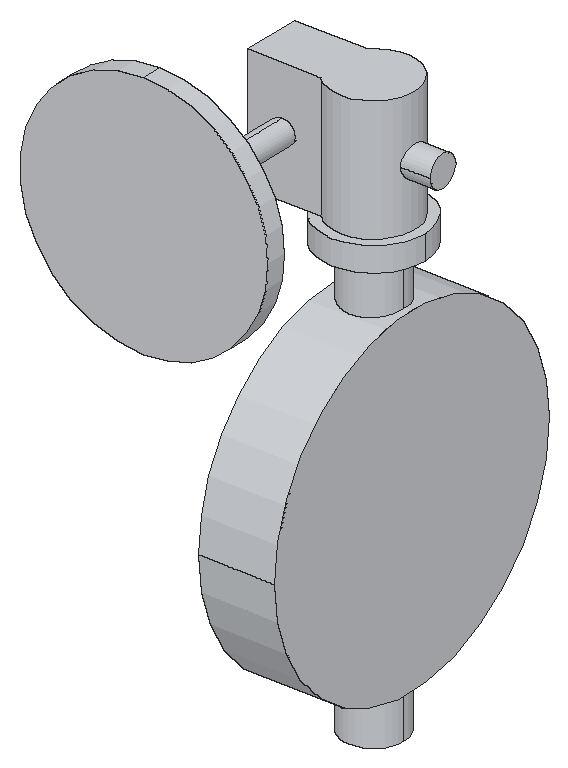
Revit family "HS497-67_disk-litina-převodové kolo DN600-RFA_2019", category Pipe Accessories, Revit 2019
Family settings
  Round Connector Dimension = Use Diameter
  Part Type = Valve - Breaks Into
  Work Plane-Based = No
  Always vertical = Yes
  Cut with Voids When Loaded = No
  Shared = No
Parameters (values of type "HS 497-67_DN600_PN10_převodové kolo")
  magiProductId = "b1e26faab48a4c499f6bb11e7e3002"
  magiProductFamilyId = "53cea81e6f374d17b8841d9c72ad77"
  magiPartTypeId = 305
  isMeasuringValve [instance] = no
  ang2D [instance] = 0.00°
  X11 = 143.397 mm
  X1 = 59.397 mm
  W2D = 1000 mm
  VersionID = "2.0/2017.9.26.1/ZETKAMA_497_001"
  Use Minimum Symbol Size [instance] = yes
  URL = "http://www.hydronic.cz"
  Type Comments = "mezipřírubová; litinový disk; PN10; -10~+110°C (krátkodobě +120°C)"
  SW30 = yes
  SW3 = yes
  SW21 = no
  SW20 = no
  SW2 = no
  SW1 = no
  R = 300 mm
  QmdConnectorList = "301;D;302;D"
  Productdata [instance] = ""
  NC = 140 mm
  Model = ""
  Manufacturer = "Hydronic Systems Prague s.r.o."
  MM20 = 59.397 mm
  MC Product Code = "125 600 (litinový disk, s převodovým kolem; DN600; PN10, kvs36778)"
  M41 = 206.25 mm
  M4 = 137.5 mm
  LHL = 220 mm
  LHH3 = 2.45 mm
  LHH1 = 46.55 mm
  LH1 = 73.333 mm
  L4R__ve = -L4R  # -40.8 mm
  L4R = 40.8 mm
  L42__ve = -L42  # -306 mm
  L42 = 306 mm
  L41__ve = -L41  # -61.2 mm
  L41 = 61.2 mm
  L2D_Min = 3048 mm
  L2D = 216 mm
  L2 = 77 mm
  L1 = 123.2 mm
  L = 154 mm
  H = 80 mm
  G22 = 11.25 mm
  G2 = 22.5 mm
  G1 = 90 mm
  G = 210 mm
  F = 60 mm
  E44 = 125 mm
  E42 = 250 mm
  E4 = 500 mm
  E23 = 4.9 mm
  E22 = 19.6 mm
  E21 = 9.8 mm
  Description = "Mezipřírubová uzavírací klapka s převodovým kolem; litinový disk, DN600; PN10; kvs36788"
  DR2 = 300 mm
  DR = 690 mm
  DD1 = 62.5 mm
  DD = 50 mm
  D = 600 mm
  CAT0 = yes
  B2__ve = -B2  # -140 mm
  B2 = 140 mm
  A2 = 49.4 mm
  A1 = 144.6 mm
Types (43, lengths in mm): name | magiProductId | X11 | X1 | Type Comments | SW30 | SW3 | SW20 | SW2 | SW1 | R | NC | MM20 | MC Product Code | M41 | M4 | LHL | LHH3 | LHH1 | LH1 | L4R__ve | L4R | L42__ve | L42 | L41__ve | L41 | L2 | L1 | L | H | G | F | E44 | E42 | E4 | E23 | E22 | E21 | Description | DR2 | DR | DD1 | DD | D | B2__ve | B2 | A2 | A1
  HS 497-67_DN100_PN16_volné vřeteno | "65d1b245f4f142c78569c0602d5754" | 61.456 | 25.456 | "mezipřírubová; litinový disk; PN16; -10~+110°C (krátkodobě +120°C)" | no | no | no | no | yes | 50 | 50 | 25.456 | "123 100 (litinový disk, s volným vřetenem; DN100; PN16, kvs512)" | 66 | 44 | 220 | 2.45 | 46.55 | 73.333 | -12.8 | 12.8 | -96 | 96 | -19.2 | 19.2 | 26 | 41.6 | 52 | 30 | 90 | 11 | 31.25 | 62.5 | 125 | 4.9 | 19.6 | 9.8 | "Mezipřírubová uzavírací klapka s volným vřetenem; litinový disk, DN100; PN16; kvs512" | 50 | 147 | 15.625 | 12.5 | 100 | -56 | 56 | 16.5 | 98.5
  HS 497-67_DN100_PN16_převodové kolo | "11e91b807e674d428c8e796fcdcfe2" | 61.456 | 25.456 | "mezipřírubová; litinový disk; PN16; -10~+110°C (krátkodobě +120°C)" | yes | yes | no | no | no | 50 | 50 | 25.456 | "125 100 (litinový disk, s převodovým kolem; DN100; PN16, kvs512)" | 65.25 | 43.5 | 220 | 2.45 | 46.55 | 73.333 | -12.8 | 12.8 | -96 | 96 | -19.2 | 19.2 | 26 | 41.6 | 52 | 30 | 90 | 11 | 31.25 | 62.5 | 125 | 4.9 | 19.6 | 9.8 | "Mezipřírubová uzavírací klapka s převodovým kolem; litinový disk, DN100; PN16; kvs512" | 50 | 147 | 15.625 | 12.5 | 100 | -56 | 56 | 16.5 | 98.5
  HS 497-67_DN100_PN16_s pákou | "28172f0b3f4b47b28323ac71cf8749" | 61.456 | 25.456 | "mezipřírubová; litinový disk; PN16; -10~+110°C (krátkodobě +120°C)" | no | no | yes | yes | no | 50 | 50 | 25.456 | "120 100 (litinový disk, s pákou; DN100; PN16, kvs512)" | 66 | 44 | 260 | 3 | 57 | 86.667 | -12.8 | 12.8 | -96 | 96 | -19.2 | 19.2 | 26 | 41.6 | 52 | 30 | 90 | 11 | 31.25 | 62.5 | 125 | 6 | 24 | 12 | "Mezipřírubová uzavírací klapka s pákou; litinový disk, DN100; PN16; kvs512" | 50 | 147 | 15.625 | 12.5 | 100 | -56 | 56 | 16.5 | 98.5
  HS 497-67_DN125_PN16_volné vřeteno | "0d813d910fc14f628bb3c2efbd185c" | 61.456 | 25.456 | "mezipřírubová; litinový disk; PN16; -10~+110°C (krátkodobě +120°C)" | no | no | no | no | yes | 62.5 | 50 | 25.456 | "123 125 (litinový disk, s volným vřetenem; DN125; PN16, kvs872)" | 66 | 44 | 220 | 2.45 | 46.55 | 73.333 | -12.8 | 12.8 | -96 | 96 | -19.2 | 19.2 | 28 | 44.8 | 56 | 33 | 90 | 14 | 31.25 | 62.5 | 125 | 4.9 | 19.6 | 9.8 | "Mezipřírubová uzavírací klapka s volným vřetenem; litinový disk, DN125; PN16; kvs872" | 62.5 | 180 | 15.625 | 12.5 | 125 | -64 | 64 | 18 | 99.5
  HS 497-67_DN125_PN16_převodové kolo | "c56b7c13f372467684996fb1e0e229" | 61.456 | 25.456 | "mezipřírubová; litinový disk; PN16; -10~+110°C (krátkodobě +120°C)" | yes | yes | no | no | no | 62.5 | 50 | 25.456 | "125 125 (litinový disk, s převodovým kolem; DN125; PN16, kvs872)" | 65.25 | 43.5 | 220 | 2.45 | 46.55 | 73.333 | -13.5 | 13.5 | -101.25 | 101.25 | -20.25 | 20.25 | 28 | 44.8 | 56 | 33 | 90 | 14 | 40 | 80 | 160 | 4.9 | 19.6 | 9.8 | "Mezipřírubová uzavírací klapka s převodovým kolem; litinový disk, DN125; PN16; kvs872" | 62.5 | 180 | 20 | 16 | 125 | -64 | 64 | 18 | 99.5
  HS 497-67_DN125_PN16_s pákou | "105993c79a91492399feef7931321a" | 61.456 | 25.456 | "mezipřírubová; litinový disk; PN16; -10~+110°C (krátkodobě +120°C)" | no | no | yes | yes | no | 62.5 | 50 | 25.456 | "120 125 (litinový disk, s pákou; DN125; PN16, kvs872)" | 66 | 44 | 315 | 3.75 | 71.25 | 105 | -12.8 | 12.8 | -96 | 96 | -19.2 | 19.2 | 28 | 44.8 | 56 | 33 | 90 | 14 | 31.25 | 62.5 | 125 | 7.5 | 30 | 15 | "Mezipřírubová uzavírací klapka s pákou; litinový disk, DN125; PN16; kvs872" | 62.5 | 180 | 15.625 | 12.5 | 125 | -64 | 64 | 18 | 99.5
  HS 497-67_DN150_PN16_volné vřeteno | "50c80cb8ab434f55ab7796e5ac1331" | 61.456 | 25.456 | "mezipřírubová; litinový disk; PN16; -10~+110°C (krátkodobě +120°C)" | no | no | no | no | yes | 75 | 50 | 25.456 | "123 150 (litinový disk, s volným vřetenem; DN150; PN16, kvs1347)" | 66 | 44 | 220 | 2.45 | 46.55 | 73.333 | -12.8 | 12.8 | -96 | 96 | -19.2 | 19.2 | 28 | 44.8 | 56 | 33 | 90 | 14 | 31.25 | 62.5 | 125 | 4.9 | 19.6 | 9.8 | "Mezipřírubová uzavírací klapka s volným vřetenem; litinový disk, DN150; PN16; kvs1347" | 75 | 206 | 15.625 | 12.5 | 150 | -58 | 58 | 19.3 | 98.7
  HS 497-67_DN150_PN16_převodové kolo | "d94a1a0cf83b476eb10011b327f709" | 61.456 | 25.456 | "mezipřírubová; litinový disk; PN16; -10~+110°C (krátkodobě +120°C)" | yes | yes | no | no | no | 75 | 50 | 25.456 | "125 150 (litinový disk, s převodovým kolem; DN150; PN16, kvs1347)" | 65.25 | 43.5 | 220 | 2.45 | 46.55 | 73.333 | -13.5 | 13.5 | -101.25 | 101.25 | -20.25 | 20.25 | 28 | 44.8 | 56 | 33 | 90 | 14 | 40 | 80 | 160 | 4.9 | 19.6 | 9.8 | "Mezipřírubová uzavírací klapka s převodovým kolem; litinový disk, DN150; PN16; kvs1347" | 75 | 206 | 20 | 16 | 150 | -58 | 58 | 19.3 | 98.7
  HS 497-67_DN150_PN16_s pákou | "4d2835523fe84828bc50ff0a5a0dfb" | 61.456 | 25.456 | "mezipřírubová; litinový disk; PN16; -10~+110°C (krátkodobě +120°C)" | no | no | yes | yes | no | 75 | 50 | 25.456 | "120 150 (litinový disk, s pákou; DN150; PN16, kvs1347)" | 66 | 44 | 315 | 3.75 | 71.25 | 105 | -12.8 | 12.8 | -96 | 96 | -19.2 | 19.2 | 28 | 44.8 | 56 | 33 | 90 | 14 | 31.25 | 62.5 | 125 | 7.5 | 30 | 15 | "Mezipřírubová uzavírací klapka s pákou; litinový disk, DN150; PN16; kvs1347" | 75 | 206 | 15.625 | 12.5 | 150 | -58 | 58 | 19.3 | 98.7
  HS 497-67_DN200_PN16_volné vřeteno | "5b29029eaeba47139ee1055a4b9201" | 61.456 | 25.456 | "mezipřírubová; litinový disk; PN16; -10~+110°C (krátkodobě +120°C)" | no | no | no | no | yes | 100 | 50 | 25.456 | "123 200 (litinový disk, s volným vřetenem; DN200; PN16, kvs2675)" | 66 | 44 | 220 | 2.45 | 46.55 | 73.333 | -12.8 | 12.8 | -96 | 96 | -19.2 | 19.2 | 30 | 48 | 60 | 33 | 90 | 17 | 31.25 | 62.5 | 125 | 4.9 | 19.6 | 9.8 | "Mezipřírubová uzavírací klapka s volným vřetenem; litinový disk, DN200; PN16; kvs2675" | 100 | 257 | 15.625 | 12.5 | 200 | -70 | 70 | 22.5 | 102.5
  HS 497-67_DN200_PN16_převodové kolo | "b2793cc1fcc44cf2a35062cd67c04f" | 61.456 | 25.456 | "mezipřírubová; litinový disk; PN16; -10~+110°C (krátkodobě +120°C)" | yes | yes | no | no | no | 100 | 57 | 25.456 | "125 200 (litinový disk, s převodovým kolem; DN200; PN16, kvs2675)" | 78.75 | 52.5 | 220 | 2.45 | 46.55 | 73.333 | -15.2 | 15.2 | -114 | 114 | -22.8 | 22.8 | 30 | 48 | 60 | 33 | 90 | 17 | 50 | 100 | 200 | 4.9 | 19.6 | 9.8 | "Mezipřírubová uzavírací klapka s převodovým kolem; litinový disk, DN200; PN16; kvs2675" | 100 | 257 | 25 | 20 | 200 | -70 | 70 | 22.5 | 102.5
  HS 497-67_DN200_PN16_s pákou | "f88d96c7af224537a51e72d7d8fffe" | 61.456 | 25.456 | "mezipřírubová; litinový disk; PN16; -10~+110°C (krátkodobě +120°C)" | no | no | yes | yes | no | 100 | 50 | 25.456 | "120 200 (litinový disk, s pákou; DN200; PN16, kvs2675)" | 66 | 44 | 315 | 3.75 | 71.25 | 105 | -12.8 | 12.8 | -96 | 96 | -19.2 | 19.2 | 30 | 48 | 60 | 33 | 90 | 17 | 31.25 | 62.5 | 125 | 7.5 | 30 | 15 | "Mezipřírubová uzavírací klapka s pákou; litinový disk, DN200; PN16; kvs2675" | 100 | 257 | 15.625 | 12.5 | 200 | -70 | 70 | 22.5 | 102.5
  HS 497-67_DN250_PN16_volné vřeteno | "b662e8305ca2402b9c510e66e6aa55" | 88.77 | 36.77 | "mezipřírubová; litinový disk; PN16; -10~+110°C (krátkodobě +120°C)" | no | no | no | no | yes | 125 | 50 | 36.77 | "123 250 (litinový disk, s volným vřetenem; DN250; PN16, kvs4555)" | 66 | 44 | 220 | 2.45 | 46.55 | 73.333 | -12.8 | 12.8 | -96 | 96 | -19.2 | 19.2 | 34 | 54.4 | 68 | 23 | 130 | 22 | 31.25 | 62.5 | 125 | 4.9 | 19.6 | 9.8 | "Mezipřírubová uzavírací klapka s volným vřetenem; litinový disk, DN250; PN16; kvs4555" | 125 | 324 | 15.625 | 12.5 | 250 | -85 | 85 | 28.25 | 129.25
  HS 497-67_DN250_PN16_převodové kolo | "5ee9016806664ddfaa2632711f295c" | 88.77 | 36.77 | "mezipřírubová; litinový disk; PN16; -10~+110°C (krátkodobě +120°C)" | yes | yes | no | no | no | 125 | 70 | 36.77 | "125 250 (litinový disk, s převodovým kolem; DN250; PN16, kvs4555)" | 91.5 | 61 | 220 | 2.45 | 46.55 | 73.333 | -22.2 | 22.2 | -166.5 | 166.5 | -33.3 | 33.3 | 34 | 54.4 | 68 | 23 | 130 | 22 | 62.5 | 125 | 250 | 4.9 | 19.6 | 9.8 | "Mezipřírubová uzavírací klapka s převodovým kolem; litinový disk, DN250; PN16; kvs4555" | 125 | 324 | 31.25 | 25 | 250 | -85 | 85 | 28.25 | 129.25
  HS 497-67_DN300_PN16_volné vřeteno | "e1886f51ff004380a649519258edf2" | 88.77 | 36.77 | "mezipřírubová; litinový disk; PN16; -10~+110°C (krátkodobě +120°C)" | no | no | no | no | yes | 150 | 50 | 36.77 | "123 300 (litinový disk, s volným vřetenem; DN300; PN16, kvs7037)" | 66 | 44 | 220 | 2.45 | 46.55 | 73.333 | -12.8 | 12.8 | -96 | 96 | -19.2 | 19.2 | 39 | 62.4 | 78 | 23 | 130 | 22 | 31.25 | 62.5 | 125 | 4.9 | 19.6 | 9.8 | "Mezipřírubová uzavírací klapka s volným vřetenem; litinový disk, DN300; PN16; kvs7037" | 150 | 376 | 15.625 | 12.5 | 300 | -90 | 90 | 30.8 | 127.2
  HS 497-67_DN300_PN16_převodové kolo | "6860f094f77d42088fbebc3c97f755" | 88.77 | 36.77 | "mezipřírubová; litinový disk; PN16; -10~+110°C (krátkodobě +120°C)" | yes | yes | no | no | no | 150 | 70 | 36.77 | "125 300 (litinový disk, s převodovým kolem; DN300; PN16, kvs7037)" | 91.5 | 61 | 220 | 2.45 | 46.55 | 73.333 | -22.2 | 22.2 | -166.5 | 166.5 | -33.3 | 33.3 | 39 | 62.4 | 78 | 23 | 130 | 22 | 62.5 | 125 | 250 | 4.9 | 19.6 | 9.8 | "Mezipřírubová uzavírací klapka s převodovým kolem; litinový disk, DN300; PN16; kvs7037" | 150 | 376 | 31.25 | 25 | 300 | -90 | 90 | 30.8 | 127.2
  HS 497-67_DN032_PN16_volné vřeteno | "8c5f65de52aa4067a77564107e31b2" | 61.456 | 25.456 | "mezipřírubová; litinový disk; PN16; -10~+110°C (krátkodobě +120°C)" | no | no | no | no | yes | 16 | 50 | 25.456 | "123 032 (litinový disk, s volným vřetenem; DN32; PN16, kvs78)" | 66 | 44 | 220 | 2.45 | 46.55 | 73.333 | -12.8 | 12.8 | -96 | 96 | -19.2 | 19.2 | 16.5 | 26.4 | 33 | 30 | 90 | 11 | 31.25 | 62.5 | 125 | 4.9 | 19.6 | 9.8 | "Mezipřírubová uzavírací klapka s volným vřetenem; litinový disk, DN32; PN16; kvs78" | 16 | 68 | 15.625 | 12.5 | 32 | -44.2 | 44.2 | 10.25 | 76.25
  HS 497-67_DN032_PN16_převodové kolo | "60aaeffa8b3a4e809ef000e4660060" | 61.456 | 25.456 | "mezipřírubová; litinový disk; PN16; -10~+110°C (krátkodobě +120°C)" | yes | yes | no | no | no | 16 | 50 | 25.456 | "125 032 (litinový disk, s převodovým kolem; DN32; PN16, kvs78)" | 65.25 | 43.5 | 220 | 2.45 | 46.55 | 73.333 | -12.8 | 12.8 | -96 | 96 | -19.2 | 19.2 | 16.5 | 26.4 | 33 | 30 | 90 | 11 | 31.25 | 62.5 | 125 | 4.9 | 19.6 | 9.8 | "Mezipřírubová uzavírací klapka s převodovým kolem; litinový disk, DN32; PN16; kvs78" | 16 | 68 | 15.625 | 12.5 | 32 | -44.2 | 44.2 | 10.25 | 76.25
  HS 497-67_DN032_PN16_s pákou | "9ad8088d610749a1b871aa2aad8007" | 61.456 | 25.456 | "mezipřírubová; litinový disk; PN16; -10~+110°C (krátkodobě +120°C)" | no | no | yes | yes | no | 16 | 50 | 25.456 | "120 032 (litinový disk, s pákou; DN32; PN16, kvs78)" | 66 | 44 | 220 | 2.45 | 46.55 | 73.333 | -12.8 | 12.8 | -96 | 96 | -19.2 | 19.2 | 16.5 | 26.4 | 33 | 30 | 90 | 11 | 31.25 | 62.5 | 125 | 4.9 | 19.6 | 9.8 | "Mezipřírubová uzavírací klapka s pákou; litinový disk, DN32; PN16; kvs78" | 16 | 68 | 15.625 | 12.5 | 32 | -44.2 | 44.2 | 10.25 | 76.25
  HS 497-67_DN350_PN10_volné vřeteno | "72a1e05f22944421b7e9596a877137" | 109.255 | 45.255 | "mezipřírubová; litinový disk; PN10; -10~+110°C (krátkodobě +120°C)" | no | no | no | no | yes | 175 | 50 | 45.255 | "123 350 (litinový disk, s volným vřetenem; DN350; PN10, kvs10165)" | 66 | 44 | 220 | 2.45 | 46.55 | 73.333 | -12.8 | 12.8 | -96 | 96 | -19.2 | 19.2 | 39 | 62.4 | 78 | 31 | 160 | 22 | 31.25 | 62.5 | 125 | 4.9 | 19.6 | 9.8 | "Mezipřírubová uzavírací klapka s volným vřetenem; litinový disk, DN350; PN10; kvs10165" | 175 | 430 | 15.625 | 12.5 | 350 | -88 | 88 | 33.85 | 129.65
  HS 497-67_DN350_PN10_převodové kolo | "a5a01426cb28494ba3afca92f1dace" | 109.255 | 45.255 | "mezipřírubová; litinový disk; PN10; -10~+110°C (krátkodobě +120°C)" | yes | yes | no | no | no | 175 | 70 | 45.255 | "125 350 (litinový disk, s převodovým kolem; DN350; PN10, kvs10165)" | 91.5 | 61 | 220 | 2.45 | 46.55 | 73.333 | -22.2 | 22.2 | -166.5 | 166.5 | -33.3 | 33.3 | 39 | 62.4 | 78 | 31 | 160 | 22 | 62.5 | 125 | 250 | 4.9 | 19.6 | 9.8 | "Mezipřírubová uzavírací klapka s převodovým kolem; litinový disk, DN350; PN10; kvs10165" | 175 | 430 | 31.25 | 25 | 350 | -88 | 88 | 33.85 | 129.65
  HS 497-67_DN400_PN10_volné vřeteno | "c70ebeb927c04ab99b176e257ad0a7" | 109.255 | 45.255 | "mezipřírubová; litinový disk; PN10; -10~+110°C (krátkodobě +120°C)" | no | no | no | no | yes | 200 | 50 | 45.255 | "123 400 (litinový disk, s volným vřetenem; DN400; PN10, kvs13799)" | 66 | 44 | 220 | 2.45 | 46.55 | 73.333 | -12.8 | 12.8 | -96 | 96 | -19.2 | 19.2 | 51 | 81.6 | 102 | 31 | 160 | 27 | 31.25 | 62.5 | 125 | 4.9 | 19.6 | 9.8 | "Mezipřírubová uzavírací klapka s volným vřetenem; litinový disk, DN400; PN10; kvs13799" | 200 | 485 | 15.625 | 12.5 | 400 | -108 | 108 | 38 | 142
  HS 497-67_DN400_PN10_převodové kolo | "cc64a4384dcb41b780d81810f4f293" | 109.255 | 45.255 | "mezipřírubová; litinový disk; PN10; -10~+110°C (krátkodobě +120°C)" | yes | yes | no | no | no | 200 | 72.5 | 45.255 | "125 400 (litinový disk, s převodovým kolem; DN400; PN10, kvs13799)" | 103.5 | 69 | 220 | 2.45 | 46.55 | 73.333 | -27.8 | 27.8 | -208.5 | 208.5 | -41.7 | 41.7 | 51 | 81.6 | 102 | 31 | 160 | 27 | 75 | 150 | 300 | 4.9 | 19.6 | 9.8 | "Mezipřírubová uzavírací klapka s převodovým kolem; litinový disk, DN400; PN10; kvs13799" | 200 | 485 | 37.5 | 30 | 400 | -108 | 108 | 38 | 142
  HS 497-67_DN040_PN16_volné vřeteno | "35f92312390745e88df5b5c325d9ee" | 61.456 | 25.456 | "mezipřírubová; litinový disk; PN16; -10~+110°C (krátkodobě +120°C)" | no | no | no | no | yes | 20 | 50 | 25.456 | "123 040 (litinový disk, s volným vřetenem; DN40; PN16, kvs78)" | 66 | 44 | 220 | 2.45 | 46.55 | 73.333 | -12.8 | 12.8 | -96 | 96 | -19.2 | 19.2 | 16.5 | 26.4 | 33 | 30 | 90 | 11 | 31.25 | 62.5 | 125 | 4.9 | 19.6 | 9.8 | "Mezipřírubová uzavírací klapka s volným vřetenem; litinový disk, DN40; PN16; kvs78" | 20 | 76 | 15.625 | 12.5 | 40 | -36 | 36 | 11 | 79
  HS 497-67_DN040_PN16_převodové kolo | "d88e968eae3445bc9b7b4e6ff35127" | 61.456 | 25.456 | "mezipřírubová; litinový disk; PN16; -10~+110°C (krátkodobě +120°C)" | yes | yes | no | no | no | 20 | 50 | 25.456 | "125 040 (litinový disk, s převodovým kolem; DN40; PN16, kvs78)" | 65.25 | 43.5 | 220 | 2.45 | 46.55 | 73.333 | -12.8 | 12.8 | -96 | 96 | -19.2 | 19.2 | 16.5 | 26.4 | 33 | 30 | 90 | 11 | 31.25 | 62.5 | 125 | 4.9 | 19.6 | 9.8 | "Mezipřírubová uzavírací klapka s převodovým kolem; litinový disk, DN40; PN16; kvs78" | 20 | 76 | 15.625 | 12.5 | 40 | -36 | 36 | 11 | 79
  HS 497-67_DN040_PN16_s pákou | "c1b522ca65b4407a98818f232eaacb" | 61.456 | 25.456 | "mezipřírubová; litinový disk; PN16; -10~+110°C (krátkodobě +120°C)" | no | no | yes | yes | no | 20 | 50 | 25.456 | "120 040 (litinový disk, s pákou; DN40; PN16, kvs78)" | 66 | 44 | 220 | 2.45 | 46.55 | 73.333 | -12.8 | 12.8 | -96 | 96 | -19.2 | 19.2 | 16.5 | 26.4 | 33 | 30 | 90 | 11 | 31.25 | 62.5 | 125 | 4.9 | 19.6 | 9.8 | "Mezipřírubová uzavírací klapka s pákou; litinový disk, DN40; PN16; kvs78" | 20 | 76 | 15.625 | 12.5 | 40 | -36 | 36 | 11 | 79
  HS 497-67_DN450_PN10_volné vřeteno | "a8358bc282f14872b3194e530e590a" | 129.74 | 53.74 | "mezipřírubová; litinový disk; PN10; -10~+110°C (krátkodobě +120°C)" | no | no | no | no | yes | 225 | 50 | 53.74 | "123 450 (litinový disk, s volným vřetenem; DN450; PN10, kvs18514)" | 66 | 44 | 220 | 2.45 | 46.55 | 73.333 | -12.8 | 12.8 | -96 | 96 | -19.2 | 19.2 | 57 | 91.2 | 114 | 38 | 190 | 36 | 31.25 | 62.5 | 125 | 4.9 | 19.6 | 9.8 | "Mezipřírubová uzavírací klapka s volným vřetenem; litinový disk, DN450; PN10; kvs18514" | 225 | 536 | 15.625 | 12.5 | 450 | -115 | 115 | 38.05 | 117.45
  HS 497-67_DN450_PN10_převodové kolo | "cdf2d80f54a9414f9cbe50647c0ebd" | 129.74 | 53.74 | "mezipřírubová; litinový disk; PN10; -10~+110°C (krátkodobě +120°C)" | yes | yes | no | no | no | 225 | 91.5 | 53.74 | "125 450 (litinový disk, s převodovým kolem; DN450; PN10, kvs18514)" | 144.75 | 96.5 | 220 | 2.45 | 46.55 | 73.333 | -32.1 | 32.1 | -240.75 | 240.75 | -48.15 | 48.15 | 57 | 91.2 | 114 | 38 | 190 | 36 | 100 | 200 | 400 | 4.9 | 19.6 | 9.8 | "Mezipřírubová uzavírací klapka s převodovým kolem; litinový disk, DN450; PN10; kvs18514" | 225 | 536 | 50 | 40 | 450 | -115 | 115 | 38.05 | 117.45
  HS 497-67_DN500_PN10_volné vřeteno | "8c396e27bb2743f98f3c762b6517cd" | 143.397 | 59.397 | "mezipřírubová; litinový disk; PN10; -10~+110°C (krátkodobě +120°C)" | no | no | no | no | yes | 250 | 50 | 59.397 | "123 500 (litinový disk, s volným vřetenem; DN500; PN10, kvs23805)" | 66 | 44 | 220 | 2.45 | 46.55 | 73.333 | -12.8 | 12.8 | -96 | 96 | -19.2 | 19.2 | 63.5 | 101.6 | 127 | 38 | 210 | 36 | 31.25 | 62.5 | 125 | 4.9 | 19.6 | 9.8 | "Mezipřírubová uzavírací klapka s volným vřetenem; litinový disk, DN500; PN10; kvs23805" | 250 | 593 | 15.625 | 12.5 | 500 | -130 | 130 | 43.25 | 139.25
  HS 497-67_DN500_PN10_převodové kolo | "7647804f32e94cef828a7034a91a46" | 143.397 | 59.397 | "mezipřírubová; litinový disk; PN10; -10~+110°C (krátkodobě +120°C)" | yes | yes | no | no | no | 250 | 91.5 | 59.397 | "125 500 (litinový disk, s převodovým kolem; DN500; PN10, kvs23805)" | 144.75 | 96.5 | 220 | 2.45 | 46.55 | 73.333 | -32.1 | 32.1 | -240.75 | 240.75 | -48.15 | 48.15 | 63.5 | 101.6 | 127 | 38 | 210 | 36 | 100 | 200 | 400 | 4.9 | 19.6 | 9.8 | "Mezipřírubová uzavírací klapka s převodovým kolem; litinový disk, DN500; PN10; kvs23805" | 250 | 593 | 50 | 40 | 500 | -130 | 130 | 43.25 | 139.25
  HS 497-67_DN050_volné vřeteno | "d71f296ecd6d4adf8f6e5d9853b4e0" | 61.456 | 25.456 | "mezipřírubová; litinový disk; PN16; -10~+110°C (krátkodobě +120°C)" | no | no | no | no | yes | 25 | 50 | 25.456 | "123 050 (litinový disk, s volným vřetenem; DN50; PN16, kvs98)" | 66 | 44 | 220 | 2.45 | 46.55 | 73.333 | -12.8 | 12.8 | -96 | 96 | -19.2 | 19.2 | 21.5 | 34.4 | 43 | 30 | 90 | 11 | 31.25 | 62.5 | 125 | 4.9 | 19.6 | 9.8 | "Mezipřírubová uzavírací klapka s volným vřetenem; litinový disk, DN50; PN16; kvs98" | 25 | 100 | 15.625 | 12.5 | 50 | -36.5 | 36.5 | 12 | 83
  HS 497-67_DN050_PN16_převodové kolo | "2fb080deeaed49c58418b94c1da5a4" | 61.456 | 25.456 | "mezipřírubová; litinový disk; PN16; -10~+110°C (krátkodobě +120°C)" | yes | yes | no | no | no | 25 | 50 | 25.456 | "125 050 (litinový disk, s převodovým kolem; DN50; PN16, kvs98)" | 65.25 | 43.5 | 220 | 2.45 | 46.55 | 73.333 | -12.8 | 12.8 | -96 | 96 | -19.2 | 19.2 | 21.5 | 34.4 | 43 | 30 | 90 | 11 | 31.25 | 62.5 | 125 | 4.9 | 19.6 | 9.8 | "Mezipřírubová uzavírací klapka s převodovým kolem; litinový disk, DN50; PN16; kvs98" | 25 | 100 | 15.625 | 12.5 | 50 | -36.5 | 36.5 | 12 | 83
  HS 497-67_DN050_PN16_s pákou | "dabc632061f94877a994b9b4e68112" | 61.456 | 25.456 | "mezipřírubová; litinový disk; PN16; -10~+110°C (krátkodobě +120°C)" | no | no | yes | yes | no | 25 | 50 | 25.456 | "120 050 (litinový disk, s pákou; DN50; PN16, kvs98)" | 66 | 44 | 220 | 2.45 | 46.55 | 73.333 | -12.8 | 12.8 | -96 | 96 | -19.2 | 19.2 | 21.5 | 34.4 | 43 | 30 | 90 | 11 | 31.25 | 62.5 | 125 | 4.9 | 19.6 | 9.8 | "Mezipřírubová uzavírací klapka s pákou; litinový disk, DN50; PN16; kvs98" | 25 | 100 | 15.625 | 12.5 | 50 | -36.5 | 36.5 | 12 | 83
  HS 497-67_DN600_PN10_volné vřeteno | "99d5892c14664fce81a7c5903f7711" | 143.397 | 59.397 | "mezipřírubová; litinový disk; PN10; -10~+110°C (krátkodobě +120°C)" | no | no | no | no | yes | 300 | 50 | 59.397 | "123 600 (litinový disk, s volným vřetenem; DN600; PN10, kvs36778)" | 66 | 44 | 220 | 2.45 | 46.55 | 73.333 | -12.8 | 12.8 | -96 | 96 | -19.2 | 19.2 | 77 | 123.2 | 154 | 80 | 210 | 60 | 31.25 | 62.5 | 125 | 4.9 | 19.6 | 9.8 | "Mezipřírubová uzavírací klapka s volným vřetenem; litinový disk, DN600; PN10; kvs36788" | 300 | 690 | 15.625 | 12.5 | 600 | -140 | 140 | 49.4 | 144.6
  HS 497-67_DN600_PN10_převodové kolo | "b1e26faab48a4c499f6bb11e7e3002" | 143.397 | 59.397 | "mezipřírubová; litinový disk; PN10; -10~+110°C (krátkodobě +120°C)" | yes | yes | no | no | no | 300 | 140 | 59.397 | "125 600 (litinový disk, s převodovým kolem; DN600; PN10, kvs36778)" | 206.25 | 137.5 | 220 | 2.45 | 46.55 | 73.333 | -40.8 | 40.8 | -306 | 306 | -61.2 | 61.2 | 77 | 123.2 | 154 | 80 | 210 | 60 | 125 | 250 | 500 | 4.9 | 19.6 | 9.8 | "Mezipřírubová uzavírací klapka s převodovým kolem; litinový disk, DN600; PN10; kvs36788" | 300 | 690 | 62.5 | 50 | 600 | -140 | 140 | 49.4 | 144.6
  HS 497-67_DN065_PN16_volné vřeteno | "5e5e208646e34ec29f889baab5d08e" | 61.456 | 25.456 | "mezipřírubová; litinový disk; PN16; -10~+110°C (krátkodobě +120°C)" | no | no | no | no | yes | 32.5 | 50 | 25.456 | "123 065 (litinový disk, s volným vřetenem; DN65; PN16, kvs167)" | 66 | 44 | 220 | 2.45 | 46.55 | 73.333 | -12.8 | 12.8 | -96 | 96 | -19.2 | 19.2 | 23 | 36.8 | 46 | 30 | 90 | 11 | 31.25 | 62.5 | 125 | 4.9 | 19.6 | 9.8 | "Mezipřírubová uzavírací klapka s volným vřetenem; litinový disk, DN65; PN16; kv167" | 32.5 | 108 | 15.625 | 12.5 | 65 | -36.5 | 36.5 | 13.5 | 89
  HS 497-67_DN065_PN16_převodové kolo | "654d74c8d15540b0bfe523d988ccb3" | 61.456 | 25.456 | "mezipřírubová; litinový disk; PN16; -10~+110°C (krátkodobě +120°C)" | yes | yes | no | no | no | 32.5 | 50 | 25.456 | "125 065 (litinový disk, s převodovým kolem; DN65; PN16, kvs167)" | 65.25 | 43.5 | 220 | 2.45 | 46.55 | 73.333 | -12.8 | 12.8 | -96 | 96 | -19.2 | 19.2 | 23 | 36.8 | 46 | 30 | 90 | 11 | 31.25 | 62.5 | 125 | 4.9 | 19.6 | 9.8 | "Mezipřírubová uzavírací klapka s převodovým kolem; litinový disk, DN65; PN16; kvs167" | 32.5 | 108 | 15.625 | 12.5 | 65 | -36.5 | 36.5 | 13.5 | 89
  HS 497-67_DN065_PN16_s pákou | "ebeb4b59db0641caaf6d6635ab37b9" | 61.456 | 25.456 | "mezipřírubová; litinový disk; PN16; -10~+110°C (krátkodobě +120°C)" | no | no | yes | yes | no | 32.5 | 50 | 25.456 | "120 065 (litinový disk, s pákou; DN65; PN16, kvs167)" | 66 | 44 | 220 | 2.45 | 46.55 | 73.333 | -12.8 | 12.8 | -96 | 96 | -19.2 | 19.2 | 23 | 36.8 | 46 | 30 | 90 | 11 | 31.25 | 62.5 | 125 | 4.9 | 19.6 | 9.8 | "Mezipřírubová uzavírací klapka s pákou; litinový disk, DN65; PN16; kvs167" | 32.5 | 108 | 15.625 | 12.5 | 65 | -36.5 | 36.5 | 13.5 | 89
  HS 497-67_DN080_PN16_volné vřeteno | "9e85c75c18654e1185a9c48ed6b00e" | 61.456 | 25.456 | "mezipřírubová; litinový disk; PN16; -10~+110°C (krátkodobě +120°C)" | no | no | no | no | yes | 40 | 50 | 25.456 | "123 080 (litinový disk, s volným vřetenem; DN80; PN16, kvs258)" | 66 | 44 | 220 | 2.45 | 46.55 | 73.333 | -12.8 | 12.8 | -96 | 96 | -19.2 | 19.2 | 23 | 36.8 | 46 | 30 | 90 | 11 | 31.25 | 62.5 | 125 | 4.9 | 19.6 | 9.8 | "Mezipřírubová uzavírací klapka s volným vřetenem; litinový disk, DN80; PN16; kvs258" | 40 | 124 | 15.625 | 12.5 | 80 | -54 | 54 | 14.1 | 86.9
  HS 497-67_DN080_PN16_převodové kolo | "5b3c8238c3d041e68c75b199e7ea46" | 61.456 | 25.456 | "mezipřírubová; litinový disk; PN16; -10~+110°C (krátkodobě +120°C)" | yes | yes | no | no | no | 40 | 50 | 25.456 | "125 080 (litinový disk, s převodovým kolem; DN80; PN16, kvs258)" | 65.25 | 43.5 | 220 | 2.45 | 46.55 | 73.333 | -12.8 | 12.8 | -96 | 96 | -19.2 | 19.2 | 23 | 36.8 | 46 | 30 | 90 | 11 | 31.25 | 62.5 | 125 | 4.9 | 19.6 | 9.8 | "Mezipřírubová uzavírací klapka s převodovým kolem; litinový disk, DN80; PN16; kvs258" | 40 | 124 | 15.625 | 12.5 | 80 | -54 | 54 | 14.1 | 86.9
  HS 497-67_DN080_PN16_s pákou | "e414795fab0f4eccb99bc3572c5477" | 61.456 | 25.456 | "mezipřírubová; litinový disk; PN16; -10~+110°C (krátkodobě +120°C)" | no | no | yes | yes | no | 40 | 50 | 25.456 | "120 080 (litinový disk, s pákou; DN80; PN16, kvs258)" | 66 | 44 | 260 | 3 | 57 | 86.667 | -12.8 | 12.8 | -96 | 96 | -19.2 | 19.2 | 23 | 36.8 | 46 | 30 | 90 | 11 | 31.25 | 62.5 | 125 | 6 | 24 | 12 | "Mezipřírubová uzavírací klapka s pákou; litinový disk, DN80; PN16; kvs258" | 40 | 124 | 15.625 | 12.5 | 80 | -54 | 54 | 14.1 | 86.9
  HS 497-67_DN250_PN16_s pákou | "" | 88.77 | 36.77 | "mezipřírubová; litinový disk; PN16; -10~+110°C (krátkodobě +120°C)" | no | no | yes | yes | no | 125 | 70 | 36.77 | "120 250 (litinový disk, s pákou; DN250; PN16, kvs4555)" | 91.5 | 61 | 220 | 2.45 | 46.55 | 73.333 | -22.2 | 22.2 | -166.5 | 166.5 | -33.3 | 33.3 | 34 | 54.4 | 68 | 23 | 130 | 22 | 62.5 | 125 | 250 | 4.9 | 19.6 | 9.8 | "Mezipřírubová uzavírací klapka s pákou; litinový disk, DN250; PN16; kvs4555" | 125 | 324 | 31.25 | 25 | 250 | -85 | 85 | 28.25 | 129.25
  HS 497-67_DN300_PN16_s pákou | "" | 88.77 | 36.77 | "mezipřírubová; litinový disk; PN16; -10~+110°C (krátkodobě +120°C)" | no | no | yes | yes | no | 150 | 70 | 36.77 | "120 300 (litinový disk, s pákou; DN300; PN16, kvs7037)" | 91.5 | 61 | 220 | 2.45 | 46.55 | 73.333 | -22.2 | 22.2 | -166.5 | 166.5 | -33.3 | 33.3 | 39 | 62.4 | 78 | 23 | 130 | 22 | 62.5 | 125 | 250 | 4.9 | 19.6 | 9.8 | "Mezipřírubová uzavírací klapka s pákou; litinový disk, DN300; PN16; kvs7037" | 150 | 376 | 31.25 | 25 | 300 | -90 | 90 | 30.8 | 127.2
Reference planes
  plane 1 "Center (Front/Back)": y = 0
  plane 2 "XYPLANE": z = 0
  plane 3 "Center (Left/Right)": x = 0
  plane 4 "473": x = -59.397
  plane 5 "472": x = -206.25
  plane 6 "471": y = -59.397
  plane 7 "470": y = 59.397
  plane 8 "469": x = -137.5
  plane 9 "468": y = -367.2
  plane 10 "467": y = -306
  plane 11 "466": z = 619
  plane 12 "465": z = 540.55
  plane 13 "464": y = 145.417
  plane 14 "463": z = 530.75
  plane 15 "462": z = 513.6
  plane 16 "461": z = 523.4
  plane 17 "460": y = 72.083
  plane 18 "459": x = -11.25
  plane 19 "458": x = 11.25
  plane 20 "457": y = -6.25
  plane 21 "456": x = -17.5
  plane 22 "455": x = 17.5
  plane 23 "454": z = 528.3
  plane 24 "453": y = 62.083
  plane 25 "452": y = -11.25
  plane 26 "451": x = -22.5
  plane 27 "450": x = 22.5
  plane 28 "449": z = 508.7
  plane 29 "448": z = 503.8
  plane 30 "447": z = -300
  plane 31 "446": z = 494
  plane 32 "445": z = 444.6
  plane 33 "444": z = 300
  plane 34 "443": x = 77
  plane 35 "442": x = -77
  plane 36 "441": z = 0
  plane 37 "440": y = 0
  plane 38 "439": x = 0
  plane 39 "438": z = 543
  plane 40 "437": z = 528.3
  plane 41 "436": x = 13.7
  plane 42 "435": x = -13.7
  plane 43 "434": y = 220
Forms (mm)
  Extrusion 1, solid, visible <- "SW3"
    sketch origin (-750, 0, 494) x (1, 0, 0) y (0, 1, 0)
      loop
        line (543.75, 59.397) -> (543.75, -59.397) -> (690.603, -59.397)
        arc (690.603, -59.397) -> (834, 0) -> (690.603, 59.397) r 84
        line (690.603, 59.397) -> (543.75, 59.397)
    from 0 to 250 <- "E42"
  Extrusion 2, solid, visible <- "SW30"
    sketch origin (0, -750, 0) x (0, 1, 0) y (0, 0, 1)
      loop
        circle (750, 619) r 31.25
    from 0 to 140 <- "NC"
  Extrusion 3, solid, visible <- "SW30"
    sketch origin (750, -367.2, 0) x (-1, 0, 0) y (0, 0, 1)
      loop
        circle (887.5, 619) r 250
    from 0 to -40.8 <- "L4R__ve"
  Extrusion 4, solid, visible <- "SW3"
    sketch origin (750, -306, 0) x (-1, 0, 0) y (0, 0, 1)
      loop
        circle (887.5, 619) r 31.25
    from 0 to -61.2 <- "L41__ve"
  Extrusion 5, solid, visible <- "SW30"
    sketch origin (750, 0, 0) x (-1, 0, 0) y (0, 0, 1)
      loop
        circle (887.5, 619) r 25
    from 0 to -306 <- "L42__ve"
  Blend 6, solid, visible <- "SW21"
    base sketch origin (750, 72.083, 0) x (-1, 0, 0) y (0, 0, 1)
      loop
        line (761.25, 523.4) -> (738.75, 523.4) -> (738.75, 513.6) -> (761.25, 513.6) -> (761.25, 523.4)
    top sketch origin (750, 72.083, 0) x (-1, 0, 0) y (0, 0, 1)
      loop
        line (761.25, 540.55) -> (738.75, 540.55) -> (738.75, 530.75) -> (761.25, 530.75) -> (761.25, 540.55)
    from 0 to 73.333
  Blend 7, solid, visible <- "SW21"
    base sketch origin (750, 62.083, 0) x (-1, 0, 0) y (0, 0, 1)
      loop
        line (761.25, 528.3) -> (738.75, 528.3) -> (738.75, 508.7) -> (761.25, 508.7) -> (761.25, 528.3)
    top sketch origin (750, 62.083, 0) x (-1, 0, 0) y (0, 0, 1)
      loop
        line (761.25, 523.4) -> (738.75, 523.4) -> (738.75, 513.6) -> (761.25, 513.6) -> (761.25, 523.4)
    from 0 to 10
  Blend 8, solid, visible <- "SW21"
    base sketch origin (-750, 0, 508.7) x (1, 0, 0) y (0, 1, 0)
      loop
        line (772.5, 62.083) -> (727.5, 62.083) -> (727.5, -11.25)
        arc (727.5, -11.25) -> (750, -31.25) -> (772.5, -11.25) r 22.656
        line (772.5, -11.25) -> (772.5, 62.083)
    top sketch origin (-750, 0, 508.7) x (1, 0, 0) y (0, 1, 0)
      loop
        line (767.5, 62.083) -> (732.5, 62.083) -> (732.5, -6.25)
        arc (732.5, -6.25) -> (750, -26.25) -> (767.5, -6.25) r 17.656
        line (767.5, -6.25) -> (767.5, 62.083)
    from 0 to 19.6
  Extrusion 9, solid, visible <- "SW2"
    sketch origin (-750, 0, 503.8) x (1, 0, 0) y (0, 1, 0)
      loop
        circle (750, 0) r 11.25
    from 0 to 4.9 <- "E23"
  Extrusion 10, solid, visible <- "SW2"
    sketch origin (-750, 0, 494) x (1, 0, 0) y (0, 1, 0)
      loop
        circle (750, 0) r 45
    from 0 to 9.8 <- "E21"
  Extrusion 11, solid, visible <- "CAT0"
    sketch origin (-750, 0, -300) x (1, 0, 0) y (0, 1, 0)
      loop
        circle (750, 0) r 61.6
    from 0 to -140 <- "B2__ve"
  Extrusion 12, solid, visible <- "CAT0"
    sketch origin (-750, 0, 444.6) x (1, 0, 0) y (0, 1, 0)
      loop
        circle (750, 0) r 105
    from 0 to 49.4 <- "A2"
  Extrusion 13, solid, visible <- "CAT0"
    sketch origin (-750, 0, 300) x (1, 0, 0) y (0, 1, 0)
      loop
        circle (750, 0) r 61.6
    from 0 to 144.6 <- "A1"
  Extrusion 14, solid, visible <- "CAT0"
    sketch origin (-77, -750, 0) x (0, 1, 0) y (0, 0, 1)
      loop
        circle (750, 0) r 345
    from 0 to 154 <- "L"
  Extrusion 15, solid, visible <- "SW1"
    sketch origin (-750, 0, 494) x (1, 0, 0) y (0, 1, 0)
      loop
        line (780, 30) -> (720, 30) -> (720, -30) -> (780, -30) -> (780, 30)
    from 0 to 80 <- "H"
  Blend 16, solid, visible <- "SW2"
    base sketch origin (750, 145.417, 0) x (-1, 0, 0) y (0, 0, 1)
      loop
        arc (763.7, 538) -> (762.236, 541.536) -> (758.7, 543) r 5
        line (758.7, 543) -> (741.3, 543)
        arc (741.3, 543) -> (737.764, 541.536) -> (736.3, 538) r 5
        line (736.3, 538) -> (736.3, 533.3)
        arc (736.3, 533.3) -> (737.764, 529.764) -> (741.3, 528.3) r 5
        line (741.3, 528.3) -> (758.7, 528.3)
        arc (758.7, 528.3) -> (762.236, 529.764) -> (763.7, 533.3) r 5
        line (763.7, 533.3) -> (763.7, 538)
    top sketch origin (750, 145.417, 0) x (-1, 0, 0) y (0, 0, 1)
      loop
        arc (763.7, 538) -> (762.236, 541.536) -> (758.7, 543) r 5
        line (758.7, 543) -> (741.3, 543)
        arc (741.3, 543) -> (737.764, 541.536) -> (736.3, 538) r 5
        line (736.3, 538) -> (736.3, 533.3)
        arc (736.3, 533.3) -> (737.764, 529.764) -> (741.3, 528.3) r 5
        line (741.3, 528.3) -> (758.7, 528.3)
        arc (758.7, 528.3) -> (762.236, 529.764) -> (763.7, 533.3) r 5
        line (763.7, 533.3) -> (763.7, 538)
    from 0 to 74.583
  Blend 17, solid, visible <- "SW20"
    base sketch origin (750, 145.417, 0) x (-1, 0, 0) y (0, 0, 1)
      loop
        line (763.7, 543) -> (736.3, 543) -> (736.3, 528.3) -> (763.7, 528.3) -> (763.7, 543)
    top sketch origin (750, 145.417, 0) x (-1, 0, 0) y (0, 0, 1)
      loop
        line (761.25, 528.3) -> (738.75, 528.3) -> (738.75, 508.7) -> (761.25, 508.7) -> (761.25, 528.3)
    from 0 to -83.333
  Extrusion 18, solid, visible <- "SW20"
    sketch origin (-750, 0, 508.7) x (1, 0, 0) y (0, 1, 0)
      loop
        line (772.5, 62.083) -> (727.5, 62.083) -> (727.5, -11.25)
        arc (727.5, -11.25) -> (750, -31.25) -> (772.5, -11.25) r 22.656
        line (772.5, -11.25) -> (772.5, 62.083)
    from 0 to 19.6 <- "E22"
  Extrusion 19, solid, not visible
    sketch origin (-77, -750, 0) x (0, 1, 0) y (0, 0, 1)
      loop
        circle (750, 0) r 10
    from 0 to 10
  Extrusion 20, solid, not visible
    sketch origin (77, -750, 0) x (0, 1, 0) y (0, 0, 1)
      loop
        circle (750, 0) r 10
    from 0 to -10
Lines and regions (mm)
  reference lines, not visible
    curve 1: circle (2, 2, 0) r 1 normal (0, 0, 1)
  reference lines
    curve 2: line (-59.397, -59.397, 494) -> (-59.397, 59.397, 494)
    curve 3: line (-17.5, -6.25, 508.7) -> (17.5, -6.25, 508.7)
    curve 4: line (-22.5, -11.25, 508.7) -> (22.5, -11.25, 508.7)
    curve 5: circle (0, 0, 494) r 1 normal (0, 0, 1)
    curve 6: line (-22.5, -11.25, 508.7) -> (22.5, -11.25, 508.7)
Dimensions and locks
  plane 1 "Center (Front/Back)" to curve 1 = 2 mm
  "X1": plane 3 "Center (Left/Right)" to plane 4 "473"
  "M41": plane 3 "Center (Left/Right)" to plane 5 "472"
  "MM20": plane 1 "Center (Front/Back)" to plane 6 "471"
  "MM20": plane 1 "Center (Front/Back)" to plane 7 "470"
  "M4": plane 3 "Center (Left/Right)" to plane 8 "469"
  "L41": plane 10 "467" to plane 9 "468"
  "L42": plane 1 "Center (Front/Back)" to plane 10 "467"
  "E44": plane 31 "446" to plane 11 "466"
  "LHH1": plane 31 "446" to plane 12 "465"
  "LH1": plane 17 "460" to plane 13 "464"
  "E21": plane 12 "465" to plane 14 "463"
  "E21": plane 16 "461" to plane 15 "462"
  "E23": plane 23 "454" to plane 16 "461"
  locked: plane 24 "453" to plane 17 "460" at 10
  "G22": plane 3 "Center (Left/Right)" to plane 18 "459"
  "G22": plane 3 "Center (Left/Right)" to plane 19 "458"
  locked: plane 25 "452" to plane 20 "457" at 5
  locked: plane 26 "451" to plane 21 "456" at 5
  locked: plane 27 "450" to plane 22 "455" at 5
  "E22": plane 28 "449" to plane 23 "454"
  "LH1": plane 25 "452" to plane 24 "453"
  "G22": plane 1 "Center (Front/Back)" to plane 25 "452"
  "G2": plane 3 "Center (Left/Right)" to plane 26 "451"
  "G2": plane 3 "Center (Left/Right)" to plane 27 "450"
  "E23": plane 29 "448" to plane 28 "449"
  "E21": plane 31 "446" to plane 29 "448"
  "R": plane 2 "XYPLANE" to plane 30 "447"
  "A2": plane 32 "445" to plane 31 "446"
  "A1": plane 33 "444" to plane 32 "445"
  "DR2": plane 2 "XYPLANE" to plane 33 "444"
  "L2": plane 3 "Center (Left/Right)" to plane 34 "443"
  "L2": plane 3 "Center (Left/Right)" to plane 35 "442"
  locked: plane 2 "XYPLANE" to plane 36 "441"
  locked: plane 1 "Center (Front/Back)" to plane 37 "440"
  locked: plane 3 "Center (Left/Right)" to plane 38 "439"
  "LHH3": plane 12 "465" to plane 39 "438"
  "LHH3": plane 14 "463" to plane 40 "437"
  "LHH3": plane 19 "458" to plane 41 "436"
  "LHH3": plane 18 "459" to plane 42 "435"
  "LHL": plane 1 "Center (Front/Back)" to plane 43 "434"
  "X11": curve 2 to Extrusion 1 sketch curve
  Extrusion 1 sketch curve to Extrusion 1 sketch curve = 0 mm  (x8)
  Blend 6 sketch curve to Blend 6 sketch curve = 0 mm  (x16)
  Blend 7 sketch curve to Blend 7 sketch curve = 0 mm  (x16)
  Blend 8 sketch curve to Blend 8 sketch curve = 0 mm  (x16)
  equal spacing: Extrusion 15 sketch curve, curve 5, Extrusion 15 sketch curve  (x2)
  "F": Extrusion 15 sketch curve to Extrusion 15 sketch curve  (x2)
  Blend 16 sketch curve to Blend 16 sketch curve = 0 mm  (x32)
  Blend 17 sketch curve to Blend 17 sketch curve = 0 mm  (x16)
  Extrusion 18 sketch curve to Extrusion 18 sketch curve = 0 mm  (x8)
  "DD1": diameter of Extrusion 2 sketch curve
  "E4": diameter of Extrusion 3 sketch curve
  "DD1": diameter of Extrusion 4 sketch curve
  "DD": diameter of Extrusion 5 sketch curve
  "G2": diameter of Extrusion 9 sketch curve
  "G1": diameter of Extrusion 10 sketch curve
  "L1": diameter of Extrusion 11 sketch curve
  "G": diameter of Extrusion 12 sketch curve
  "L1": diameter of Extrusion 13 sketch curve
  "DR": diameter of Extrusion 14 sketch curve
  radius of Blend 16 sketch curve = 5 mm  (x8)
  aligned and locked: level to plane 2 "XYPLANE"
  aligned and locked: Extrusion 1 sketch curve to plane 5 "472"
  aligned and locked: plane 7 "470" to Extrusion 1 sketch curve
  aligned and locked: plane 6 "471" to Extrusion 1 sketch curve
  aligned and locked: plane 5 "472" to Extrusion 1 sketch curve
  aligned and locked: plane 4 "473" to Extrusion 1 sketch curve  (x2)
  aligned and locked: plane 4 "473" to curve 2
  aligned and locked: plane 6 "471" to curve 2
  aligned and locked: plane 7 "470" to curve 2
  aligned and locked: Extrusion 1 sketch curve to plane 7 "470"
  aligned and locked: plane 11 "466" to Extrusion 2 sketch curve
  aligned and locked: plane 37 "440" to Extrusion 2 sketch curve
  aligned and locked: plane 8 "469" to Extrusion 3 sketch curve
  aligned and locked: plane 11 "466" to Extrusion 3 sketch curve
  aligned and locked: plane 8 "469" to Extrusion 4 sketch curve
  aligned and locked: plane 11 "466" to Extrusion 4 sketch curve
  aligned and locked: plane 8 "469" to Extrusion 5 sketch curve
  aligned and locked: plane 11 "466" to Extrusion 5 sketch curve
  aligned and locked: plane 12 "465" to Blend 6 sketch curve  (x2)
  aligned and locked: plane 18 "459" to Blend 6 sketch curve  (x4)
  aligned and locked: plane 19 "458" to Blend 6 sketch curve  (x4)
  aligned and locked: plane 14 "463" to Blend 6 sketch curve  (x2)
  aligned and locked: plane 16 "461" to Blend 6 sketch curve  (x2)
  aligned and locked: plane 15 "462" to Blend 6 sketch curve  (x2)
  aligned and locked: plane 13 "464" to Blend 6
  aligned and locked: plane 16 "461" to Blend 7 sketch curve  (x2)
  aligned and locked: plane 18 "459" to Blend 7 sketch curve  (x4)
  aligned and locked: plane 19 "458" to Blend 7 sketch curve  (x4)
  aligned and locked: plane 15 "462" to Blend 7 sketch curve  (x2)
  aligned and locked: plane 23 "454" to Blend 7 sketch curve  (x2)
  aligned and locked: plane 28 "449" to Blend 7 sketch curve  (x2)
  aligned and locked: plane 17 "460" to Blend 7
  aligned and locked: plane 24 "453" to Blend 8 sketch curve  (x4)
  aligned and locked: plane 22 "455" to Blend 8 sketch curve  (x2)
  aligned and locked: plane 21 "456" to Blend 8 sketch curve
  aligned and locked: plane 20 "457" to Blend 8 sketch curve  (x2)
  aligned and locked: curve 3 to plane 20 "457"
  aligned and locked: plane 21 "456" to curve 3
  aligned and locked: plane 22 "455" to curve 3
  aligned and locked: plane 27 "450" to Blend 8 sketch curve  (x2)
  aligned and locked: plane 26 "451" to Blend 8 sketch curve
  aligned and locked: plane 25 "452" to Blend 8 sketch curve  (x2)
  aligned and locked: curve 4 to plane 25 "452"
  aligned and locked: plane 26 "451" to curve 4
  aligned and locked: plane 27 "450" to curve 4
  aligned and locked: plane 23 "454" to Blend 8
  aligned and locked: plane 37 "440" to Extrusion 9 sketch curve
  aligned and locked: plane 38 "439" to Extrusion 9 sketch curve
  aligned and locked: plane 37 "440" to Extrusion 10 sketch curve
  aligned and locked: plane 38 "439" to Extrusion 10 sketch curve
  aligned and locked: plane 37 "440" to Extrusion 11 sketch curve
  aligned and locked: plane 38 "439" to Extrusion 11 sketch curve
  aligned and locked: plane 37 "440" to Extrusion 12 sketch curve
  aligned and locked: plane 38 "439" to Extrusion 12 sketch curve
  aligned and locked: plane 37 "440" to Extrusion 13 sketch curve
  aligned and locked: plane 38 "439" to Extrusion 13 sketch curve
  aligned and locked: plane 36 "441" to Extrusion 14 sketch curve
  aligned and locked: Extrusion 14 sketch curve to plane 37 "440"
  aligned and locked: plane 37 "440" to curve 5
  aligned and locked: plane 38 "439" to curve 5
  aligned and locked: plane 39 "438" to Blend 16 sketch curve  (x2)
  aligned and locked: plane 41 "436" to Blend 16 sketch curve  (x2)
  aligned and locked: Blend 16 sketch curve to plane 40 "437"  (x2)
  aligned and locked: Blend 16 sketch curve to plane 42 "435"  (x2)
  aligned and locked: plane 43 "434" to Blend 16
  aligned and locked: plane 23 "454" to Blend 17 sketch curve  (x2)
  aligned and locked: plane 18 "459" to Blend 17 sketch curve  (x2)
  aligned and locked: plane 19 "458" to Blend 17 sketch curve  (x2)
  aligned and locked: plane 28 "449" to Blend 17 sketch curve  (x2)
  aligned and locked: plane 39 "438" to Blend 17 sketch curve  (x2)
  aligned and locked: plane 42 "435" to Blend 17 sketch curve  (x2)
  aligned and locked: plane 41 "436" to Blend 17 sketch curve  (x2)
  aligned and locked: plane 40 "437" to Blend 17 sketch curve  (x2)
  aligned and locked: Blend 17 to plane 24 "453"
  aligned and locked: plane 24 "453" to Extrusion 18 sketch curve  (x2)
  aligned and locked: plane 27 "450" to Extrusion 18 sketch curve  (x2)
  aligned and locked: plane 26 "451" to Extrusion 18 sketch curve
  aligned and locked: plane 25 "452" to Extrusion 18 sketch curve  (x2)
  aligned and locked: curve 6 to plane 25 "452"
  aligned and locked: plane 26 "451" to curve 6
  aligned and locked: plane 27 "450" to curve 6
  aligned and locked: plane 36 "441" to Extrusion 19 sketch curve
  aligned and locked: Extrusion 19 sketch curve to plane 37 "440"
  aligned and locked: plane 36 "441" to Extrusion 20 sketch curve
  aligned and locked: Extrusion 20 sketch curve to plane 37 "440"
Automatic sketch dimensions
  Blend 8 sketch curve to plane 20 "457" = 2.344 mm  (x2)
  Extrusion 18 sketch curve to plane 20 "457" = 2.344 mm
  plane 25 "452" to Extrusion 19 sketch curve = 1.25 mm
  plane 25 "452" to Extrusion 20 sketch curve = 1.25 mm
  plane 3 "Center (Left/Right)" to curve 1 = 2 mm
  Extrusion 15 sketch curve to plane 3 "Center (Left/Right)" = 30 mm
  Extrusion 15 sketch curve to plane 20 "457" = 23.75 mm
  radius of curve 5 = 1 mm
  radius of curve 1 = 1 mm
Connectors
  piping at (-77, 0, 0), diameter 600, driven by "D"
    settings: on Extrusion 19, index 1, connector inside diameter 609.6 mm, connector length 0 mm, flow factor 0, pipe flow 0.0 L/s, pressure drop 0.0 Pa, fitting loss kfactor 0, connector angle 0.00°, fixture units 0, engagement length 0 mm, angle of deflection 0.00°, flow configuration 0, flow direction 0, fitting loss method 0, system type 29, joint type 0, gender type 0, connector reference index 2, connector utility 0, adjustable connector no, is connector primary yes, connector description ""
  piping at (77, 0, 0), diameter 600, driven by "D"
    settings: on Extrusion 20, index 2, connector inside diameter 609.6 mm, connector length 0 mm, flow factor 0, pipe flow 0.0 L/s, pressure drop 0.0 Pa, fitting loss kfactor 0, connector angle 0.00°, fixture units 0, engagement length 0 mm, angle of deflection 0.00°, flow configuration 0, flow direction 0, fitting loss method 0, system type 29, joint type 0, gender type 0, connector reference index 1, connector utility 0, adjustable connector no, is connector primary no, connector description ""
